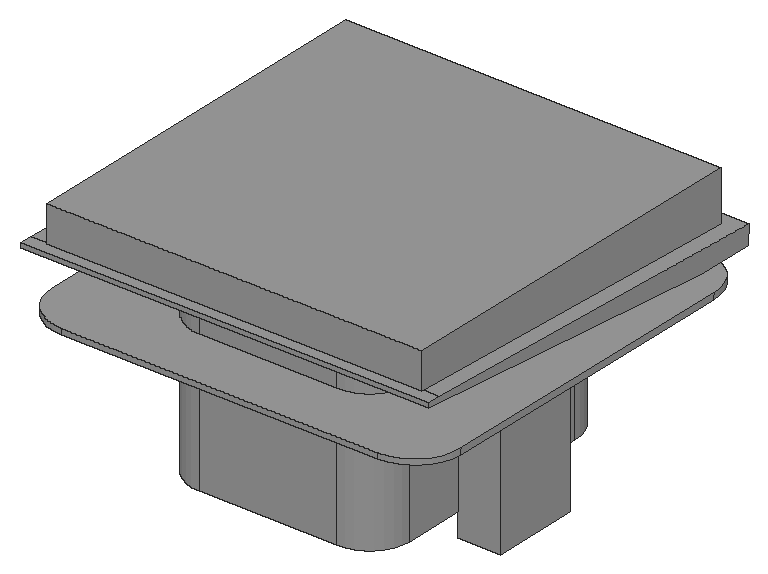
Revit family "Gira_012565", category Electrical Fixtures, host Face, Revit 2017
Family settings
  Host = Face
  Maintain Annotation Orientation = Yes
  Round Connector Dimension = Use Diameter
  Part Type = Normal
  Cut with Voids When Loaded = No
  Shared = No
  Room Calculation Point = No
Parameters (values of type "PB sw. series sw. Gira TX_44 (WP FM) c.alum.")
  With mounting plate = "No"
  Wiring system = "Series switch"
  Washing machine switch = "No"
  URL = "http://katalog.gira.de/en/datenblatt.html?artikelnr=012565"
  Type of fastening = "Mounting with claw and screw"
  Surface protection = "Other"
  Suitable for degree of protection (IP) = "IP44"
  Rated current = "10"
  Push button switch = "Yes"
  Number of rockers = "2"
  Number of modules (module system) = "1"
  Nominal voltage = "250"
  Name = "PB sw. series sw. Gira TX_44 (WP FM) c.alum."
  Mounting method = "Flush mounted (plaster)"
  Method of operation = "Rocker/button"
  Material quality = "Thermoplastic"
  Material = "Plastic"
  Manufacturer URL = "https://www.gira.de/"
  Manufacturer = "Gira"
  Label space/information surface = "No"
  Keynote = ""
  Illumination = "No"
  HeinzeBIM = "https://bimportal.heinze.de/bim/pb-sw-series-sw-gira-tx-44-wp-fm-c-alum-/83d24a452775c518a84c272208490437b24d9915"
  Halogen free = "Yes"
  HAN = "012565"
  GTIN = "4010337125655"
  Feedback-signal contact = "No"
  Description = "PB sw.series TX_44 CAl,Pushbutton switch, 10 AX 250 V~ with rocker, 2-gang,Series switch,colour aluminium,Notes :,- With touch-activation operation.,- Theft-prevention implemented via optional screw-in clamp piece. This makes plugging of cover frame unnecessary."
  Default Elevation = 1219.2 mm
  Data sheet (1) = "https://katalog.gira.de/en/download.html?artikelnr=012565"
  Connection type = "Plug clamp"
  Colour = "Aluminium"
  Category = "Switch"
  BIM (1) = "https://media.stage.bim.site/public/gira/36a6b08/TX44_Komplettgerät_Schalten und Tasten.rfa?public/gira/36a6b08/TX44_Komplettgerät_Schalten und Tasten.rfa"
  Available = "No"
  Assembly arrangement = "Basic element with central cover plate"
Reference planes
  plane 1 "Center (Front/Back)": y = 0
  plane 2 "Reference Level 0": z = 0
  plane 3 "Center (Left/Right)": x = 0
  plane 4: z = -28.6
Forms (mm)
  Extrusion 1, solid, material "Default", detail levels fine
    sketch origin (0, 0, 0) x (1, 0, 0) y (0, 1, 0)
      loop
        line (-32.604, 32.5) -> (-32.604, -32.5) -> (32.735, -32.5) -> (32.735, 32.5) -> (-32.604, 32.5)
    from 0 to 12.3
  Extrusion 2, solid, material "Default", detail levels fine
    sketch origin (0, 0, 0) x (0, 1, 0) y (0, 0, 1)
      loop
        line (35, 3.483) -> (-32.2, 6) -> (-34.55, 6) -> (-34.536, 5.199) -> (24.886, 0) -> (34.939, 0) -> (35, 3.483)
    from -35.5 to 35.5
  Extrusion 3, void
    sketch origin (0, 0, 0) x (0, 1, 0) y (0, 0, 1)
      loop
        line (42.419, 3.205) -> (-32.2, 6) -> (-42.193, 6) -> (-42.193, -11.826) -> (42.419, -11.826) -> (42.419, 3.205)
    from -64.194 to 61.264
  Extrusion 4, solid, material "Default", detail levels fine
    sketch origin (0, 0, 0) x (1, 0, 0) y (0, 1, 0)
      loop
        arc (35.5, 27.5) -> (33.157, 33.157) -> (27.5, 35.5) r 8
        line (27.5, 35.5) -> (-27.5, 35.5)
        arc (-27.5, 35.5) -> (-33.157, 33.157) -> (-35.5, 27.5) r 8
        line (-35.5, 27.5) -> (-35.5, -27.5)
        arc (-35.5, -27.5) -> (-33.157, -33.157) -> (-27.5, -35.5) r 8
        line (-27.5, -35.5) -> (27.5, -35.5)
        arc (27.5, -35.5) -> (33.157, -33.157) -> (35.5, -27.5) r 8
        line (35.5, -27.5) -> (35.5, 27.5)
    from -4.1 to -5.1
  Extrusion 5, solid, material "Default", detail levels fine
    sketch origin (0, 0, 0) x (1, 0, 0) y (0, 1, 0)
      loop
        arc (-12, 25) -> (-16.95, 22.95) -> (-19, 18) r 7
        line (-19, 18) -> (-19, -18)
        arc (-19, -18) -> (-16.95, -22.95) -> (-12, -25) r 7
        line (-12, -25) -> (12, -25)
        arc (12, -25) -> (16.95, -22.95) -> (19, -18) r 7
        line (19, -18) -> (19, 18)
        arc (19, 18) -> (16.95, 22.95) -> (12, 25) r 7
        line (12, 25) -> (-12, 25)
    from 4.692 to -28.6
  Extrusion 6, solid, material "Default", detail levels fine
    sketch origin (0, 0, 0) x (1, 0, 0) y (0, 1, 0)
      loop
        line (-26.5, -7.5) -> (-19, -7.5) -> (-19, 7.5) -> (-26.5, 7.5) -> (-26.5, -7.5)
    from -5.1 to -32.6
  Extrusion 7, solid, material "Default", detail levels fine
    sketch origin (0, 0, 0) x (-1, 0, 0) y (0, -1, 0)
      loop
        line (-26.5, 7.5) -> (-26.5, -7.5) -> (-19, -7.5) -> (-19, 7.5) -> (-26.5, 7.5)
    from -5.1 to -32.6
  Extrusion 8, solid, material "Default", detail levels medium
    sketch origin (0, 0, 0) x (1, 0, 0) y (0, 1, 0)
      loop
        line (-32.604, 32.5) -> (-32.604, -32.5) -> (32.735, -32.5) -> (32.735, 32.5) -> (-32.604, 32.5)
    from 0 to 12.3
  Extrusion 9, solid, material "Default", detail levels medium
    sketch origin (0, 0, 0) x (0, 1, 0) y (0, 0, 1)
      loop
        line (35, 3.483) -> (-32.2, 6) -> (-34.55, 6) -> (-34.445, 0) -> (34.939, 0) -> (35, 3.483)
    from -35.5 to 35.5
  Extrusion 10, solid, material "Default", detail levels medium
    sketch origin (0, 0, 0) x (1, 0, 0) y (0, 1, 0)
      loop
        line (-26.5, 25) -> (-26.5, -25) -> (26.5, -25) -> (26.5, 25) -> (-26.5, 25)
    from 4.692 to -32.6
  Extrusion 11, solid, material "Default", detail levels medium
    sketch origin (0, 0, 0) x (1, 0, 0) y (0, 1, 0)
      loop
        line (35.5, 35.5) -> (-35.5, 35.5) -> (-35.5, -35.5) -> (35.5, -35.5) -> (35.5, 35.5)
    from -4.1 to -5.1
  Extrusion 12, solid, material "Default", detail levels coarse
    sketch origin (0, 0, 0) x (1, 0, 0) y (0, 1, 0)
      loop
        line (35.5, 35.5) -> (-35.5, 35.5) -> (-35.5, -35.5) -> (35.5, -35.5) -> (35.5, 35.5)
    from -32.6 to 12.3
Cuts and joins
  Extrusion 3 cuts Extrusion 1
  joined: Extrusion 1, Extrusion 2, Extrusion 4, Extrusion 5, Extrusion 6, Extrusion 7
Dimensions and locks
  Extrusion 12 to Extrusion 12 = 44.9 mm
  aligned and locked: plane 2 "Reference Level 0" to host face
  aligned and locked: level to host face
  aligned and locked: plane 3 "Center (Left/Right)" to nested 1
  aligned and locked: plane 1 "Center (Front/Back)" to nested 1
Nested families
  nested 1: "Schalter" at (0, 0, 0), type "Schalter"
Connectors
  electrical at (0, 0, -32.6)
    settings: on Extrusion 12, index 1, voltage 220 V, apparent load 0 VA, apparent load phase1 0 VA, apparent load phase2 0 VA, apparent load phase3 0 VA, power factor 1, load classification "Other", number of poles 1, system type 30, power factor state 1, is connector primary yes, connector utility no, sub classification motor no, connector description ""
Definition of nested family "Schalter"
  Reference planes
    plane 1: y = 0
    plane 2: x = 0
  Lines and regions (mm)
    detail lines
      curve 1: circle (1.375, 2.778, 0) r 0.8 normal (0, 0, 1)
      curve 2: line (1.021, 2.061, 0) -> (0, 0, 0)
      curve 3: line (0, 0, 0) -> (-0.538, 0.266, 0)
  Dimensions and locks
    curve 2 to curve 2 = 2.3 mm
    curve 3 to curve 2 = 0.6 mm
    radius of curve 1 = 0.8 mm
